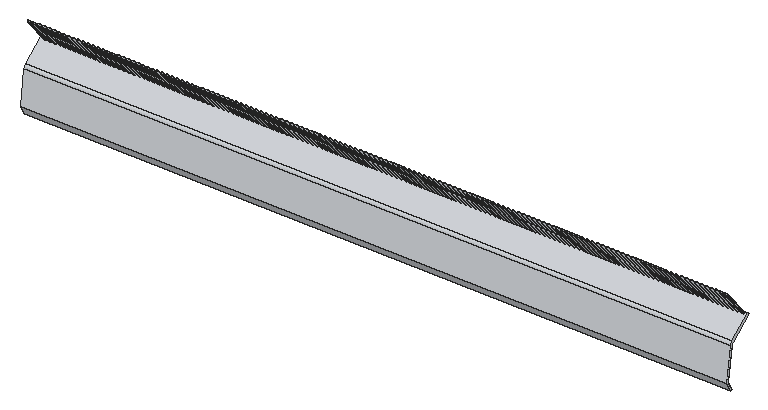
Revit family "Nedsale_minicombi_Generic Model_2017", category Generic Models, Revit 2017
Family settings
  Can host rebar = No
  Round Connector Dimension = Use Diameter
  Part Type = Normal
  Work Plane-Based = Yes
  Always vertical = No
  Cut with Voids When Loaded = No
  Shared = No
  Room Calculation Point = No
Parameters
  kamlengte [instance] = 50 mm
  hoek [instance] = 50.00°
  URL = "www.w3d-tekenbureau.nl"
  Manufacturer = "Nedsale BV"
  Description = "Mini-kombi"
  Default Elevation = 1219.2 mm
Reference planes
  plane 1 "Center (Front/Back)": y = 0
  plane 2: z = 0
  plane 3 "Center (Left/Right)": x = 0
Lines and regions (mm)
  reference lines
    curve 1: line (0, 0, 0) -> (0, -658.798, -552.797)
Dimensions and locks
  "hoek": angle plane 1 "Center (Front/Back)" to curve 1
  aligned and locked: level to plane 2
  aligned and locked: plane 1 "Center (Front/Back)" to curve 1
  aligned and locked: plane 2 to curve 1
  aligned and locked: nested 1 to curve 1
  aligned and locked: nested 2 to curve 1
  aligned and locked: curve 1 to plane 3 "Center (Left/Right)"
Nested families
  nested 1: "Nedsale_minicombi_Generic Model_2015" at (0, -0.028, -0.093) x (0, -0.9881, 0.1536) z (1, 0, 0), type "Nedsale_minicombi_Generic Model_2015"
    with lengte 1000 mm
  nested 2: "Nedsale_minicombi_kam_Generic Model_2015" at (0, -1.512, -1.269) x (0, 0.0347, 0.9994) z (1, 0, 0), kamlengte <- "kamlengte", type "Nedsale_minicombi_kam_Generic Model_2015"
    with lengte 1000 mm, kamlengte 50 mm
Definition of nested family "Nedsale_minicombi_Generic Model_2015"
  Parameters (values of type "Nedsale_minicombi_Generic Model_2015")
    lengte [instance] = 1500 mm
    Default Elevation = 1219.2 mm
  Reference planes
    plane 1 "Center (Front/Back)": y = 0
    plane 2: z = 0
    plane 3 "Center (Left/Right)": x = 0
    plane 4: z = 1500
    plane 5 "kam": through (41.787, 37.689, 1200) normal (0.669, -0.7433, 0)
  Forms (mm)
    Extrusion 1, solid, not visible
      sketch origin (16.066, 0, 14.15) x (1, 0, 0) y (0, 0, 1)
        loop
          line (-37.407, -148.881) -> (-30.423, -154.968) -> (-29.005, -153.551) -> (-35.169, -148.178) -> (-30.362, -128.983) -> (-35.435, -109.159) -> (-30.355, -88.999) -> (-35.464, -69.11) -> (-30.218, -49.058) -> (-35.198, -29.831) -> (-17.062, -12.359) -> (-8.518, -7.171) -> (-9.557, -5.462) -> (-18.29, -10.765) -> (-37.427, -29.201) -> (-32.284, -49.056) -> (-37.53, -69.105) -> (-32.419, -89.004) -> (-37.498, -109.163) -> (-32.425, -128.989) -> (-37.407, -148.881)
      from 0 to 980
    Extrusion 2, solid
      sketch origin (43.389, 6.952, 0) x (1, 0, 0) y (0, 1, 0)
        loop
          line (-41.714, -5.363) -> (-43.389, -6.87) -> (-19.183, -34.555)
          arc (-19.183, -34.555) -> (-18.326, -36.068) -> (-18.137, -37.796) r 4.309
          line (-18.137, -37.796) -> (-18.137, -83.037) -> (-27.615, -93.208) -> (-26.258, -94.349) -> (-16.254, -83.407) -> (-16.254, -37.796)
          arc (-16.254, -37.796) -> (-16.588, -35.018) -> (-17.972, -32.588) r 7.068
          line (-17.972, -32.588) -> (-41.714, -5.363)
      from 0 to 1500
  Dimensions and locks
    "lengte": plane 4 to plane 2
    aligned and locked: level to plane 2
    aligned and locked: Extrusion 2 to plane 5 "kam"
    aligned and locked: plane 4 to Extrusion 2
    aligned and locked: Extrusion 2 to level
  Automatic sketch dimensions
    Extrusion 1 sketch curve to Extrusion 1 sketch curve = 0.032 mm
    Extrusion 1 sketch curve to Extrusion 1 sketch curve = 0.103 mm
    Extrusion 1 sketch curve to Extrusion 1 sketch curve = 0.092 mm
    Extrusion 1 sketch curve to Extrusion 1 sketch curve = 2.066 mm
    Extrusion 1 sketch curve to Extrusion 1 sketch curve = 2.063 mm  (x2)
    Extrusion 1 sketch curve to Extrusion 1 sketch curve = 2.229 mm
    Extrusion 1 sketch curve to Extrusion 1 sketch curve = 2.238 mm
    Extrusion 1 sketch curve to Extrusion 1 sketch curve = 2.744 mm
    Extrusion 1 sketch curve to Extrusion 1 sketch curve = 3.045 mm
    Extrusion 1 sketch curve to Extrusion 1 sketch curve = 2.914 mm
    Extrusion 1 sketch curve to Extrusion 1 sketch curve = 4.746 mm
    Extrusion 1 sketch curve to Extrusion 1 sketch curve = 2.064 mm
    Extrusion 1 sketch curve to Extrusion 1 sketch curve = 2.067 mm
    Extrusion 1 sketch curve to Extrusion 1 sketch curve = 1.418 mm  (x2)
    Extrusion 1 sketch curve to Extrusion 1 sketch curve = 16.908 mm
    Extrusion 1 sketch curve to Extrusion 1 sketch curve = 1.228 mm
    Extrusion 1 sketch curve to Extrusion 1 sketch curve = 7.505 mm
    Extrusion 1 sketch curve to Extrusion 1 sketch curve = 1.038 mm
    Extrusion 1 sketch curve to Extrusion 1 sketch curve = 6.087 mm
    Extrusion 1 sketch curve to Extrusion 1 sketch curve = 0.703 mm
    Extrusion 1 sketch curve to Extrusion 1 sketch curve = 19.19 mm
    Extrusion 1 sketch curve to Extrusion 1 sketch curve = 0.005 mm  (x3)
    Extrusion 1 sketch curve to Extrusion 1 sketch curve = 19.825 mm
    Extrusion 1 sketch curve to Extrusion 1 sketch curve = 0.004 mm
    Extrusion 1 sketch curve to Extrusion 1 sketch curve = 20.156 mm
    Extrusion 1 sketch curve to Extrusion 1 sketch curve = 19.894 mm
    Extrusion 1 sketch curve to Extrusion 1 sketch curve = 20.052 mm
    Extrusion 1 sketch curve to Extrusion 1 sketch curve = 0.003 mm
    Extrusion 1 sketch curve to Extrusion 1 sketch curve = 19.225 mm
    Extrusion 1 sketch curve to Extrusion 1 sketch curve = 0.63 mm
    Extrusion 1 sketch curve to Extrusion 1 sketch curve = 17.472 mm
    Extrusion 1 sketch curve to Extrusion 1 sketch curve = 1.594 mm
    Extrusion 2 sketch curve to plane 1 "Center (Front/Back)" = 0.081 mm
    Extrusion 2 sketch curve to plane 3 "Center (Left/Right)" = 0 mm
    plane 3 "Center (Left/Right)" to Extrusion 2 sketch curve = 15.774 mm
    Extrusion 2 sketch curve to Extrusion 2 sketch curve = 1.356 mm
    Extrusion 2 sketch curve to Extrusion 2 sketch curve = 0.872 mm
    Extrusion 2 sketch curve to Extrusion 2 sketch curve = 9.478 mm
    Extrusion 2 sketch curve to Extrusion 2 sketch curve = 0.164 mm
    Extrusion 2 sketch curve to Extrusion 2 sketch curve = 1.883 mm
    plane 3 "Center (Left/Right)" to Extrusion 2 sketch curve = 1.675 mm
    Extrusion 2 sketch curve to Extrusion 2 sketch curve = 4.645 mm
    Extrusion 2 sketch curve to Extrusion 2 sketch curve = 0.159 mm
    Extrusion 2 sketch curve to Extrusion 2 sketch curve = 45.242 mm
    Extrusion 2 sketch curve to Extrusion 2 sketch curve = 0.369 mm
    Extrusion 2 sketch curve to Extrusion 2 sketch curve = 10.17 mm
    Extrusion 2 sketch curve to Extrusion 2 sketch curve = 1.141 mm
    Extrusion 2 sketch curve to Extrusion 2 sketch curve = 1.211 mm
    Extrusion 2 sketch curve to Extrusion 2 sketch curve = 1.967 mm
    Extrusion 2 sketch curve to Extrusion 2 sketch curve = 4.116 mm
    plane 1 "Center (Front/Back)" to Extrusion 2 sketch curve = 25.636 mm
    Extrusion 2 sketch curve to plane 1 "Center (Front/Back)" = 1.589 mm
Definition of nested family "Nedsale_minicombi_kam_Generic Model_2015"
  Parameters (values of type "Nedsale_minicombi_kam_Generic Model_2015")
    lengte [instance] = 1000 mm
    kamlengte [instance] = 100 mm
    Default Elevation = 1219.2 mm
  Reference planes
    plane 1 "Center (Front/Back)": y = 0
    plane 2: z = 0
    plane 3 "Center (Left/Right)": x = 0
    plane 4: z = 1000
    plane 5 "kam": through (42.701, 38.43, 1200) normal (0.669, -0.7433, 0)
    plane 6: through (56.91, -63.235, 1200) normal (-0.7433, -0.669, 0)
    plane 7 "bk kam": through (131.24, 3.661, 1200) normal (-0.7433, -0.669, 0)
  Forms (mm)
    Extrusion 1, solid, not visible
      sketch origin (16.066, 0, 14.15) x (1, 0, 0) y (0, 0, 1)
        loop
          line (-37.407, -148.881) -> (-30.423, -154.968) -> (-29.005, -153.551) -> (-35.169, -148.178) -> (-30.362, -128.983) -> (-35.435, -109.159) -> (-30.355, -88.999) -> (-35.464, -69.11) -> (-30.218, -49.058) -> (-35.198, -29.831) -> (-17.062, -12.359) -> (-8.518, -7.171) -> (-9.557, -5.462) -> (-18.29, -10.765) -> (-37.427, -29.201) -> (-32.284, -49.056) -> (-37.53, -69.105) -> (-32.419, -89.004) -> (-37.498, -109.163) -> (-32.425, -128.989) -> (-37.407, -148.881)
      from 0 to 980
    Extrusion 2, solid
      sketch origin (0, 0, 0) x (0.743299, 0.66896, 0) y (0, 0, 1)
        loop
          line (0, 995) -> (0, 993) -> (100, 993) -> (100, 995) -> (0, 995)
        loop
          line (0, 988) -> (0, 986) -> (100, 986) -> (100, 988) -> (0, 988)
        loop
          line (0, 981) -> (0, 979) -> (100, 979) -> (100, 981) -> (0, 981)
        loop
          line (0, 974) -> (0, 972) -> (100, 972) -> (100, 974) -> (0, 974)
        loop
          line (0, 967) -> (0, 965) -> (100, 965) -> (100, 967) -> (0, 967)
        loop
          line (0, 960) -> (0, 958) -> (100, 958) -> (100, 960) -> (0, 960)
        loop
          line (0, 953) -> (0, 951) -> (100, 951) -> (100, 953) -> (0, 953)
        loop
          line (0, 946) -> (0, 944) -> (100, 944) -> (100, 946) -> (0, 946)
        loop
          line (0, 939) -> (0, 937) -> (100, 937) -> (100, 939) -> (0, 939)
        loop
          line (0, 932) -> (0, 930) -> (100, 930) -> (100, 932) -> (0, 932)
        loop
          line (0, 925) -> (0, 923) -> (100, 923) -> (100, 925) -> (0, 925)
        loop
          line (0, 918) -> (0, 916) -> (100, 916) -> (100, 918) -> (0, 918)
        loop
          line (0, 911) -> (0, 909) -> (100, 909) -> (100, 911) -> (0, 911)
        loop
          line (0, 904) -> (0, 902) -> (100, 902) -> (100, 904) -> (0, 904)
        loop
          line (0, 897) -> (0, 895) -> (100, 895) -> (100, 897) -> (0, 897)
        loop
          line (0, 890) -> (0, 888) -> (100, 888) -> (100, 890) -> (0, 890)
        loop
          line (0, 883) -> (0, 881) -> (100, 881) -> (100, 883) -> (0, 883)
        loop
          line (0, 876) -> (0, 874) -> (100, 874) -> (100, 876) -> (0, 876)
        loop
          line (0, 869) -> (0, 867) -> (100, 867) -> (100, 869) -> (0, 869)
        loop
          line (0, 862) -> (0, 860) -> (100, 860) -> (100, 862) -> (0, 862)
        loop
          line (0, 855) -> (0, 853) -> (100, 853) -> (100, 855) -> (0, 855)
        loop
          line (0, 848) -> (0, 846) -> (100, 846) -> (100, 848) -> (0, 848)
        loop
          line (0, 841) -> (0, 839) -> (100, 839) -> (100, 841) -> (0, 841)
        loop
          line (0, 834) -> (0, 832) -> (100, 832) -> (100, 834) -> (0, 834)
        loop
          line (0, 827) -> (0, 825) -> (100, 825) -> (100, 827) -> (0, 827)
        loop
          line (0, 820) -> (0, 818) -> (100, 818) -> (100, 820) -> (0, 820)
        loop
          line (0, 813) -> (0, 811) -> (100, 811) -> (100, 813) -> (0, 813)
        loop
          line (0, 806) -> (0, 804) -> (100, 804) -> (100, 806) -> (0, 806)
        loop
          line (0, 799) -> (0, 797) -> (100, 797) -> (100, 799) -> (0, 799)
        loop
          line (0, 792) -> (0, 790) -> (100, 790) -> (100, 792) -> (0, 792)
        loop
          line (0, 785) -> (0, 783) -> (100, 783) -> (100, 785) -> (0, 785)
        loop
          line (0, 778) -> (0, 776) -> (100, 776) -> (100, 778) -> (0, 778)
        loop
          line (0, 771) -> (0, 769) -> (100, 769) -> (100, 771) -> (0, 771)
        loop
          line (0, 764) -> (0, 762) -> (100, 762) -> (100, 764) -> (0, 764)
        loop
          line (0, 757) -> (0, 755) -> (100, 755) -> (100, 757) -> (0, 757)
        loop
          line (0, 750) -> (0, 748) -> (100, 748) -> (100, 750) -> (0, 750)
        loop
          line (0, 743) -> (0, 741) -> (100, 741) -> (100, 743) -> (0, 743)
        loop
          line (0, 736) -> (0, 734) -> (100, 734) -> (100, 736) -> (0, 736)
        loop
          line (0, 729) -> (0, 727) -> (100, 727) -> (100, 729) -> (0, 729)
        loop
          line (0, 722) -> (0, 720) -> (100, 720) -> (100, 722) -> (0, 722)
        loop
          line (0, 715) -> (0, 713) -> (100, 713) -> (100, 715) -> (0, 715)
        loop
          line (0, 708) -> (0, 706) -> (100, 706) -> (100, 708) -> (0, 708)
        loop
          line (0, 701) -> (0, 699) -> (100, 699) -> (100, 701) -> (0, 701)
        loop
          line (0, 694) -> (0, 692) -> (100, 692) -> (100, 694) -> (0, 694)
        loop
          line (0, 687) -> (0, 685) -> (100, 685) -> (100, 687) -> (0, 687)
        loop
          line (0, 680) -> (0, 678) -> (100, 678) -> (100, 680) -> (0, 680)
        loop
          line (0, 673) -> (0, 671) -> (100, 671) -> (100, 673) -> (0, 673)
        loop
          line (0, 666) -> (0, 664) -> (100, 664) -> (100, 666) -> (0, 666)
        loop
          line (0, 659) -> (0, 657) -> (100, 657) -> (100, 659) -> (0, 659)
        loop
          line (0, 652) -> (0, 650) -> (100, 650) -> (100, 652) -> (0, 652)
        loop
          line (0, 645) -> (0, 643) -> (100, 643) -> (100, 645) -> (0, 645)
        loop
          line (0, 638) -> (0, 636) -> (100, 636) -> (100, 638) -> (0, 638)
        loop
          line (0, 631) -> (0, 629) -> (100, 629) -> (100, 631) -> (0, 631)
        loop
          line (0, 624) -> (0, 622) -> (100, 622) -> (100, 624) -> (0, 624)
        loop
          line (0, 617) -> (0, 615) -> (100, 615) -> (100, 617) -> (0, 617)
        loop
          line (0, 610) -> (0, 608) -> (100, 608) -> (100, 610) -> (0, 610)
        loop
          line (0, 603) -> (0, 601) -> (100, 601) -> (100, 603) -> (0, 603)
        loop
          line (0, 596) -> (0, 594) -> (100, 594) -> (100, 596) -> (0, 596)
        loop
          line (0, 589) -> (0, 587) -> (100, 587) -> (100, 589) -> (0, 589)
        loop
          line (0, 582) -> (0, 580) -> (100, 580) -> (100, 582) -> (0, 582)
        loop
          line (0, 575) -> (0, 573) -> (100, 573) -> (100, 575) -> (0, 575)
        loop
          line (0, 568) -> (0, 566) -> (100, 566) -> (100, 568) -> (0, 568)
        loop
          line (0, 561) -> (0, 559) -> (100, 559) -> (100, 561) -> (0, 561)
        loop
          line (0, 554) -> (0, 552) -> (100, 552) -> (100, 554) -> (0, 554)
        loop
          line (0, 547) -> (0, 545) -> (100, 545) -> (100, 547) -> (0, 547)
        loop
          line (0, 540) -> (0, 538) -> (100, 538) -> (100, 540) -> (0, 540)
        loop
          line (0, 533) -> (0, 531) -> (100, 531) -> (100, 533) -> (0, 533)
        loop
          line (0, 526) -> (0, 524) -> (100, 524) -> (100, 526) -> (0, 526)
        loop
          line (0, 519) -> (0, 517) -> (100, 517) -> (100, 519) -> (0, 519)
        loop
          line (0, 512) -> (0, 510) -> (100, 510) -> (100, 512) -> (0, 512)
        loop
          line (0, 505) -> (0, 503) -> (100, 503) -> (100, 505) -> (0, 505)
        loop
          line (0, 498) -> (0, 496) -> (100, 496) -> (100, 498) -> (0, 498)
        loop
          line (0, 491) -> (0, 489) -> (100, 489) -> (100, 491) -> (0, 491)
        loop
          line (0, 484) -> (0, 482) -> (100, 482) -> (100, 484) -> (0, 484)
        loop
          line (0, 477) -> (0, 475) -> (100, 475) -> (100, 477) -> (0, 477)
        loop
          line (0, 470) -> (0, 468) -> (100, 468) -> (100, 470) -> (0, 470)
        loop
          line (0, 463) -> (0, 461) -> (100, 461) -> (100, 463) -> (0, 463)
        loop
          line (0, 456) -> (0, 454) -> (100, 454) -> (100, 456) -> (0, 456)
        loop
          line (0, 449) -> (0, 447) -> (100, 447) -> (100, 449) -> (0, 449)
        loop
          line (0, 442) -> (0, 440) -> (100, 440) -> (100, 442) -> (0, 442)
        loop
          line (0, 435) -> (0, 433) -> (100, 433) -> (100, 435) -> (0, 435)
        loop
          line (0, 428) -> (0, 426) -> (100, 426) -> (100, 428) -> (0, 428)
        loop
          line (0, 421) -> (0, 419) -> (100, 419) -> (100, 421) -> (0, 421)
        loop
          line (0, 414) -> (0, 412) -> (100, 412) -> (100, 414) -> (0, 414)
        loop
          line (0, 407) -> (0, 405) -> (100, 405) -> (100, 407) -> (0, 407)
        loop
          line (0, 400) -> (0, 398) -> (100, 398) -> (100, 400) -> (0, 400)
        loop
          line (0, 393) -> (0, 391) -> (100, 391) -> (100, 393) -> (0, 393)
        loop
          line (0, 386) -> (0, 384) -> (100, 384) -> (100, 386) -> (0, 386)
        loop
          line (0, 379) -> (0, 377) -> (100, 377) -> (100, 379) -> (0, 379)
        loop
          line (0, 372) -> (0, 370) -> (100, 370) -> (100, 372) -> (0, 372)
        loop
          line (0, 365) -> (0, 363) -> (100, 363) -> (100, 365) -> (0, 365)
        loop
          line (0, 358) -> (0, 356) -> (100, 356) -> (100, 358) -> (0, 358)
        loop
          line (0, 351) -> (0, 349) -> (100, 349) -> (100, 351) -> (0, 351)
        loop
          line (0, 344) -> (0, 342) -> (100, 342) -> (100, 344) -> (0, 344)
        loop
          line (0, 337) -> (0, 335) -> (100, 335) -> (100, 337) -> (0, 337)
        loop
          line (0, 330) -> (0, 328) -> (100, 328) -> (100, 330) -> (0, 330)
        loop
          line (0, 323) -> (0, 321) -> (100, 321) -> (100, 323) -> (0, 323)
        loop
          line (0, 316) -> (0, 314) -> (100, 314) -> (100, 316) -> (0, 316)
        loop
          line (0, 309) -> (0, 307) -> (100, 307) -> (100, 309) -> (0, 309)
        loop
          line (0, 302) -> (0, 300) -> (100, 300) -> (100, 302) -> (0, 302)
        loop
          line (0, 295) -> (0, 293) -> (100, 293) -> (100, 295) -> (0, 295)
        loop
          line (0, 288) -> (0, 286) -> (100, 286) -> (100, 288) -> (0, 288)
        loop
          line (0, 281) -> (0, 279) -> (100, 279) -> (100, 281) -> (0, 281)
        loop
          line (0, 274) -> (0, 272) -> (100, 272) -> (100, 274) -> (0, 274)
        loop
          line (0, 267) -> (0, 265) -> (100, 265) -> (100, 267) -> (0, 267)
        loop
          line (0, 260) -> (0, 258) -> (100, 258) -> (100, 260) -> (0, 260)
        loop
          line (0, 253) -> (0, 251) -> (100, 251) -> (100, 253) -> (0, 253)
        loop
          line (0, 246) -> (0, 244) -> (100, 244) -> (100, 246) -> (0, 246)
        loop
          line (0, 239) -> (0, 237) -> (100, 237) -> (100, 239) -> (0, 239)
        loop
          line (0, 232) -> (0, 230) -> (100, 230) -> (100, 232) -> (0, 232)
        loop
          line (0, 225) -> (0, 223) -> (100, 223) -> (100, 225) -> (0, 225)
        loop
          line (0, 218) -> (0, 216) -> (100, 216) -> (100, 218) -> (0, 218)
        loop
          line (0, 211) -> (0, 209) -> (100, 209) -> (100, 211) -> (0, 211)
        loop
          line (0, 204) -> (0, 202) -> (100, 202) -> (100, 204) -> (0, 204)
        loop
          line (0, 197) -> (0, 195) -> (100, 195) -> (100, 197) -> (0, 197)
        loop
          line (0, 190) -> (0, 188) -> (100, 188) -> (100, 190) -> (0, 190)
        loop
          line (0, 183) -> (0, 181) -> (100, 181) -> (100, 183) -> (0, 183)
        loop
          line (0, 176) -> (0, 174) -> (100, 174) -> (100, 176) -> (0, 176)
        loop
          line (0, 169) -> (0, 167) -> (100, 167) -> (100, 169) -> (0, 169)
        loop
          line (0, 162) -> (0, 160) -> (100, 160) -> (100, 162) -> (0, 162)
        loop
          line (0, 155) -> (0, 153) -> (100, 153) -> (100, 155) -> (0, 155)
        loop
          line (0, 148) -> (0, 146) -> (100, 146) -> (100, 148) -> (0, 148)
        loop
          line (0, 141) -> (0, 139) -> (100, 139) -> (100, 141) -> (0, 141)
        loop
          line (0, 134) -> (0, 132) -> (100, 132) -> (100, 134) -> (0, 134)
        loop
          line (0, 127) -> (0, 125) -> (100, 125) -> (100, 127) -> (0, 127)
        loop
          line (0, 120) -> (0, 118) -> (100, 118) -> (100, 120) -> (0, 120)
        loop
          line (0, 113) -> (0, 111) -> (100, 111) -> (100, 113) -> (0, 113)
        loop
          line (0, 106) -> (0, 104) -> (100, 104) -> (100, 106) -> (0, 106)
        loop
          line (0, 99) -> (0, 97) -> (100, 97) -> (100, 99) -> (0, 99)
        loop
          line (0, 92) -> (0, 90) -> (100, 90) -> (100, 92) -> (0, 92)
        loop
          line (0, 85) -> (0, 83) -> (100, 83) -> (100, 85) -> (0, 85)
        loop
          line (0, 78) -> (0, 76) -> (100, 76) -> (100, 78) -> (0, 78)
        loop
          line (0, 71) -> (0, 69) -> (100, 69) -> (100, 71) -> (0, 71)
        loop
          line (0, 64) -> (0, 62) -> (100, 62) -> (100, 64) -> (0, 64)
        loop
          line (0, 57) -> (0, 55) -> (100, 55) -> (100, 57) -> (0, 57)
        loop
          line (0, 50) -> (0, 48) -> (100, 48) -> (100, 50) -> (0, 50)
        loop
          line (0, 43) -> (0, 41) -> (100, 41) -> (100, 43) -> (0, 43)
        loop
          line (0, 36) -> (0, 34) -> (100, 34) -> (100, 36) -> (0, 36)
        loop
          line (0, 29) -> (0, 27) -> (100, 27) -> (100, 29) -> (0, 29)
        loop
          line (0, 22) -> (0, 20) -> (100, 20) -> (100, 22) -> (0, 22)
        loop
          line (0, 15) -> (0, 13) -> (100, 13) -> (100, 15) -> (0, 15)
        loop
          line (0, 8) -> (0, 6) -> (100, 6) -> (100, 8) -> (0, 8)
      from 0 to 1.974
  Dimensions and locks
    "lengte": plane 4 to plane 2
    "kamlengte": plane 6 to plane 7 "bk kam"
    aligned and locked: level to plane 2
    aligned and locked: Extrusion 2 sketch curve to plane 7 "bk kam"
    aligned and locked: Extrusion 2 to plane 7 "bk kam"
    aligned and locked: Extrusion 2 sketch curve to plane 6
  Automatic sketch dimensions
    Extrusion 1 sketch curve to Extrusion 1 sketch curve = 0.032 mm
    Extrusion 1 sketch curve to Extrusion 1 sketch curve = 0.103 mm
    Extrusion 1 sketch curve to Extrusion 1 sketch curve = 0.092 mm
    Extrusion 1 sketch curve to Extrusion 1 sketch curve = 2.066 mm
    Extrusion 1 sketch curve to Extrusion 1 sketch curve = 2.063 mm  (x2)
    Extrusion 1 sketch curve to Extrusion 1 sketch curve = 2.229 mm
    Extrusion 1 sketch curve to Extrusion 1 sketch curve = 2.238 mm
    Extrusion 1 sketch curve to Extrusion 1 sketch curve = 2.744 mm
    Extrusion 1 sketch curve to Extrusion 1 sketch curve = 3.045 mm
    Extrusion 1 sketch curve to Extrusion 1 sketch curve = 2.914 mm
    Extrusion 1 sketch curve to Extrusion 1 sketch curve = 4.746 mm
    Extrusion 1 sketch curve to Extrusion 1 sketch curve = 2.064 mm
    Extrusion 1 sketch curve to Extrusion 1 sketch curve = 2.067 mm
    Extrusion 1 sketch curve to Extrusion 1 sketch curve = 1.418 mm  (x2)
    Extrusion 1 sketch curve to Extrusion 1 sketch curve = 16.908 mm
    Extrusion 1 sketch curve to Extrusion 1 sketch curve = 1.228 mm
    Extrusion 1 sketch curve to Extrusion 1 sketch curve = 7.505 mm
    Extrusion 1 sketch curve to Extrusion 1 sketch curve = 1.038 mm
    Extrusion 1 sketch curve to Extrusion 1 sketch curve = 6.087 mm
    Extrusion 1 sketch curve to Extrusion 1 sketch curve = 0.703 mm
    Extrusion 1 sketch curve to Extrusion 1 sketch curve = 19.19 mm
    Extrusion 1 sketch curve to Extrusion 1 sketch curve = 0.005 mm  (x3)
    Extrusion 1 sketch curve to Extrusion 1 sketch curve = 19.825 mm
    Extrusion 1 sketch curve to Extrusion 1 sketch curve = 0.004 mm
    Extrusion 1 sketch curve to Extrusion 1 sketch curve = 20.156 mm
    Extrusion 1 sketch curve to Extrusion 1 sketch curve = 19.894 mm
    Extrusion 1 sketch curve to Extrusion 1 sketch curve = 20.052 mm
    Extrusion 1 sketch curve to Extrusion 1 sketch curve = 0.003 mm
    Extrusion 1 sketch curve to Extrusion 1 sketch curve = 19.225 mm
    Extrusion 1 sketch curve to Extrusion 1 sketch curve = 0.63 mm
    Extrusion 1 sketch curve to Extrusion 1 sketch curve = 17.472 mm
    Extrusion 1 sketch curve to Extrusion 1 sketch curve = 1.594 mm
    Extrusion 2 sketch curve to plane 7 "bk kam" = 0 mm  (x141)
    Extrusion 2 sketch curve to plane 6 = 0 mm  (x121)
    Extrusion 2 sketch curve to Extrusion 2 sketch curve = 0 mm  (x21)
    level to Extrusion 2 sketch curve = 6 mm
    Extrusion 2 sketch curve to Extrusion 2 sketch curve = 2 mm  (x142)
    Extrusion 2 sketch curve to Extrusion 2 sketch curve = 5 mm  (x141)
